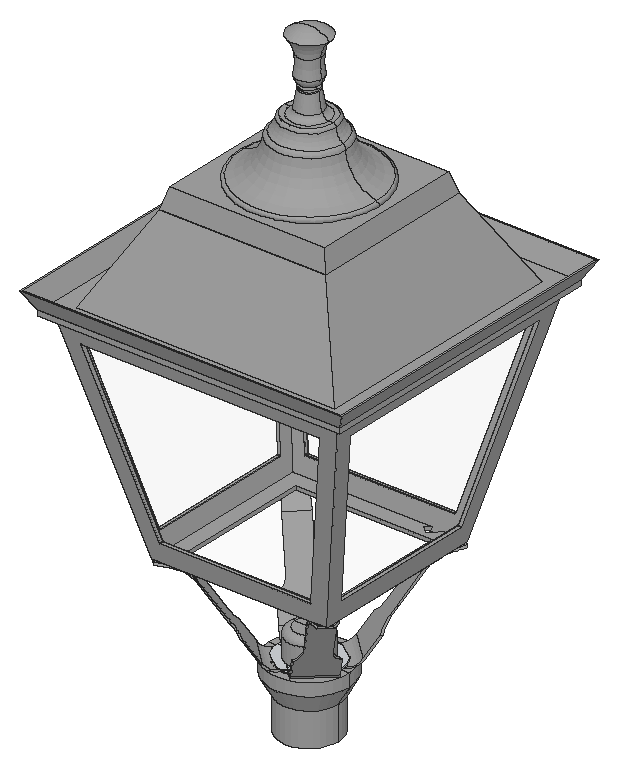
Revit family "PPT", category Lighting Fixtures, Revit 2020
Family settings
  Round Connector Dimension = Use Diameter
  Part Type = Normal
  Work Plane-Based = No
  Always vertical = Yes
  Cut with Voids When Loaded = No
  Light Source = Yes
  Shared = No
  Room Calculation Point = No
Parameters (values of type "PPT30301-P1-V")
  Wattage = 21.8793 W
  WATTS = 29 W
  built-in parameter 1150110 = 1 (stored number, unit not read)
  Voltage Comments = "120-277"  # constant formula
  Voltage = 120 V  # constant formula
  URL = "https://www.abovealllighting.com/product/LED-OUTDOOR-FIXTURES/LEDMOONSERIESPOSTTOP/PAVILIONLEDPOSTTOPWITHPHOTOCELL.html"
  Type Comments = "PAVILION LED POST TOP"  # constant formula
  built-in parameter 1114217 = 1 (stored number, unit not read)
  Tilt Angle = 90.00°
  built-in parameter 1150109 = 1 (stored number, unit not read)
  built-in parameter 1150134 = (empty or 0)
  built-in parameter 1150113 = 1 (stored number, unit not read)
  Replaces/Equiv.(HPS) = "150W"
  Photometric Web File = "PPT30301-P1-V_IESNA95.IES"
  Order number = "13912"
  Model = "PPT30301-P1-V"
  Manufacturer = "Above All Lighting"  # constant formula
  built-in parameter 1150105 = 258.63 (stored number, unit not read)
  Lumens = 3250 lm
  built-in parameter 1150115 = 1 (stored number, unit not read)
  built-in parameter 1150137 = (empty or 0)
  built-in parameter 1150139 = (empty or 0)
  built-in parameter 1150112 = 1 (stored number, unit not read)
  built-in parameter 1150114 = 1 (stored number, unit not read)
  Lamp = "LED"  # constant formula
  built-in parameter 1150132 = 2
  built-in parameter 1150102 = (empty or 0)
  built-in parameter 1150107 = 3000 (stored number, unit not read)
  built-in parameter 1150138 = (empty or 0)
  built-in parameter 1150106 = 2.5863 (stored number, unit not read)
  IP Rating = "66"  # constant formula
  GLASS = Polycarbonate Clear Lens
  Fixture Width = 16.54"  # constant formula
  Fixture Length = 16.54"  # constant formula
  Fixture Height = 32.52"  # constant formula
  Emit from Line Length = 24.00"
  built-in parameter 1150104 = 13.8 (stored number, unit not read)
  Dimming Lamp Color Temperature Shift = <None>
  Dimming / Control Comments = "0-10V Dim"  # constant formula
  Description = "The  pavilion LED post top comes in traditional lantern look with an expected service life of 50,000 hours, high efficiency and an easy-install design. As decorative luminaire, the traditional style is in harmony with the architectural and environmental area lighting applications such as pedestrian street, parks, \r\ngardens, courtyard etc."  # constant formula
  Default Elevation = 0.00"
  Color Filter = 16777215
  CRI = "70"  # constant formula
  Body Material = Aluminum
  built-in parameter 1114218 = 1 (stored number, unit not read)
  Average life based on 104F(HRS) = "50000"  # constant formula
  built-in parameter 1150133 = 10 (stored number, unit not read)
  Apparent Load = WATTS / 0.8  # 36.25 VA
Reference planes (in)
  plane 1 "Center (Front/Back)": y = 0
  plane 2: z = 0
  plane 3 "Center (Left/Right)": x = 0
  plane 4: x = 8.27
  plane 5: y = 8.27
  plane 6: y = -8.27
  plane 7: x = -8.27
  plane 8: z = 32.52
  plane 9: z = 19.71982
Dimensions and locks (in)
  equal spacing: plane 7, plane 3 "Center (Left/Right)", plane 4
  equal spacing: plane 6, plane 1 "Center (Front/Back)", plane 5
  "Fixture Height": plane 8 to plane 2
  "Fixture Length": plane 7 to plane 4
  "Fixture Width": plane 6 to plane 5
  locked: plane 8 to plane 9 at 12.80018
  aligned and locked: plane 2 to level
  aligned and locked: plane 3 "Center (Left/Right)" to nested 1
  aligned and locked: plane 1 "Center (Front/Back)" to nested 1
  aligned and locked: nested 1 to plane 2
  aligned and locked: imposter light to plane 9
  aligned and locked: imposter light to plane 1 "Center (Front/Back)"
  aligned and locked: plane 3 "Center (Left/Right)" to imposter light
Nested families (in)
  nested 1: "PPT top" at (0, 0, 0), type "PPT top"
Definition of nested family "PPT top"
  Parameters (values of type "PPT top")
    h = 7.787"  # constant formula
    g = 12.289"  # constant formula
    f = 9.04"  # constant formula
    e = 14.54"  # constant formula
    d = 15.54"  # constant formula
    c = 13.324"  # constant formula
    b = 8.00"  # constant formula
    a = 8.54"  # constant formula
    J = 2.00"  # constant formula
    I = 6.00"  # constant formula
    GLASS = none
    Fixture Height = 32.52"  # constant formula
    Fixture Diameter = 16.54"  # constant formula
    Default Elevation = 0.00"
    Body Material = none
  Reference planes (in)
    plane 1 "Center (Front/Back)": y = 0
    plane 2: z = 0
    plane 3 "Center (Left/Right)": x = 0
    plane 4: x = -8.27
    plane 5: x = 8.27
    plane 6: z = 32.52
    plane 7: z = 20.08804
    plane 8: z = 25.39794
    plane 9: z = 24.40334
    plane 10 "1": x = -4.27
    plane 11 "a": x = -4
    plane 12 "b": x = 4
    plane 13 "2": x = 4.27
    plane 14: y = 4.27
    plane 15: y = 4
    plane 16: y = -4
    plane 17: y = -4.27
    plane 18 "c": x = -6.662
    plane 19 "d": x = 6.662
    plane 20: y = 6.662
    plane 21: y = -6.662
    plane 22: z = 19.81448
    plane 23: x = -7.77
    plane 24: x = 7.77
    plane 25: y = 8.27
    plane 26: y = -8.27
    plane 27: z = 20.97936
    plane 28: z = 8.28453
    plane 29 "aa": x = -7.27
    plane 30 "bb": x = 7.27
    plane 31 "cc": x = -4.52
    plane 32 "dd": x = 4.52
    plane 33: y = 7.27
    plane 34: y = -7.27
    plane 35: y = 4.52
    plane 36: y = -4.52
    plane 37: z = 18.73807
    plane 38: z = 9.30205
    plane 39: z = 8.47653
    plane 40 "111": through (8.27, 8.27, 48) normal (-0.7431, -0.6691, 0)
    plane 41 "112": through (8.27, -8.27, 48) normal (-0.7071, -0.7071, 0)
    plane 42: through (-8.27, -8.27, 48) normal (-0.7071, -0.7071, 0)
    plane 43: through (11.70849, -10.29427, -12) normal (-0.7071, -0.7071, 0)
    plane 44: through (10.29427, -11.70849, -12) normal (-0.7071, -0.7071, 0)
    plane 45: y = 3
    plane 46: y = -3
    plane 47: y = 1
    plane 48: y = -1
    plane 49: x = -3
    plane 50: x = 3
  Forms (in)
    Revolve 1, solid, material <- "Body Material"
      sketch origin (0, 0, 0) x (1, 0, 0) y (0, 0, 1)
        loop
          line (0, 25.39794) -> (0, 32.52)
          arc (0, 32.52) -> (-0.5521, 32.41845) -> (-1.03544, 32.13294) r 1.60466
          arc (-1.03544, 32.13294) -> (-0.74227, 31.73824) -> (-0.60729, 31.26547) r 1.37025
          arc (-0.60729, 31.26547) -> (-0.59441, 30.76307) -> (-0.65383, 30.26403) r 3.48912
          arc (-0.65383, 30.26403) -> (-0.5356, 29.97858) -> (-0.25014, 29.86034) r 0.40369
          line (-0.25014, 29.86034) -> (-0.12647, 29.86034) -> (-0.12647, 29.76639) -> (-0.5, 29.76639) -> (-0.5, 29.70639) -> (-0.12647, 29.70639) -> (-0.12647, 29.61245) -> (-0.5, 29.61245) -> (-0.65377, 28.74035)
          arc (-0.65377, 28.74035) -> (-0.7728, 28.5342) -> (-0.99649, 28.45278) r 0.348
          line (-0.99649, 28.45278) -> (-1.24903, 28.45278)
          arc (-1.24903, 28.45278) -> (-1.33279, 28.38115) -> (-1.37146, 28.27794) r 0.22067
          arc (-1.37146, 28.27794) -> (-1.47625, 27.93601) -> (-1.70112, 27.65793) r 0.94037
          arc (-1.70112, 27.65793) -> (-1.81424, 27.56155) -> (-1.86612, 27.4223) r 0.29543
          arc (-1.86612, 27.4223) -> (-2.36728, 26.26599) -> (-3.44259, 25.60877) r 2.08773
          arc (-3.44259, 25.60877) -> (-3.55677, 25.53414) -> (-3.56431, 25.39794) r 0.1511
          line (-3.56431, 25.39794) -> (0, 25.39794)
        axis (0, 25.39794) -> (0, 32.52)
      angle from 0 to 360
    SweptBlend 2, solid, material <- "Body Material"
      path origin (0, 0, 0) x (1, 0, 0) y (0, 0, 1)
        loop
          line (0, 24.40334) -> (0, 25.39794)
      profile origin (0, 0, 24.40334) x (-1, 0, 0) y (0, -1, 0)
        loop
          line (4.27, -4.27) -> (4.27, 4.27) -> (-4.27, 4.27) -> (-4.27, -4.27) -> (4.27, -4.27)
      end profile origin (0, 0, 25.39794) x (-1, 0, 0) y (0, -1, 0)
        loop
          line (4, -4) -> (4, 4) -> (-4, 4) -> (-4, -4) -> (4, -4)
    SweptBlend 3, solid, material <- "Body Material"
      path origin (0, 0, 0) x (1, 0, 0) y (0, 0, 1)
        loop
          line (0, 20.08804) -> (0, 24.40334)
      profile origin (0, 0, 20.08804) x (-1, 0, 0) y (0, -1, 0)
        loop
          line (6.662, -6.662) -> (6.662, 6.662) -> (-6.662, 6.662) -> (-6.662, -6.662) -> (6.662, -6.662)
      end profile origin (0, 0, 24.40334) x (-1, 0, 0) y (0, -1, 0)
        loop
          line (4.27, -4.27) -> (4.27, 4.27) -> (-4.27, 4.27) -> (-4.27, -4.27) -> (4.27, -4.27)
    Sweep 4, solid, material <- "Body Material"
      path origin (0, 0, 0) x (1, 0, 0) y (0, 0, 1)
        loop
          line (0, 19.81448) -> (0, 20.08804)
      profile origin (0, 0, 19.95126) x (-1, 0, 0) y (0, -1, 0)
        loop
          line (7.77, -7.77) -> (7.77, 7.77) -> (-7.77, 7.77) -> (-7.77, -7.77) -> (7.77, -7.77)
        loop
          line (3, -3) -> (3, -1) -> (-3, -1) -> (-3, -3) -> (3, -3)
        loop
          line (3, 1) -> (3, 3) -> (-3, 3) -> (-3, 1) -> (3, 1)
    SweptBlend 5, solid, material <- "Body Material"
      path origin (0, 0, 0) x (1, 0, 0) y (0, 0, 1)
        loop
          line (0, 20.08804) -> (0, 20.97936)
      profile origin (0, 0, 20.08804) x (-1, 0, 0) y (0, -1, 0)
        loop
          line (-7.77, -7.77) -> (7.77, -7.77) -> (7.77, 7.77) -> (-7.77, 7.77) -> (-7.77, -7.77)
      end profile origin (0, 0, 20.97936) x (-1, 0, 0) y (0, -1, 0)
        loop
          line (8.27, -8.27) -> (8.27, 8.27) -> (-8.27, 8.27) -> (-8.27, -8.27) -> (8.27, -8.27)
    SweptBlend 6, void
      path origin (0, 0, 0) x (1, 0, 0) y (0, 0, 1)
        loop
          line (0, 20.08804) -> (0, 20.97936)
      profile origin (0, 0, 20.08804) x (-1, 0, 0) y (0, -1, 0)
        loop
          line (-7.691, -7.691) -> (7.691, -7.691) -> (7.691, 7.691) -> (-7.691, 7.691) -> (-7.691, -7.691)
      end profile origin (0, 0, 20.97936) x (-1, 0, 0) y (0, -1, 0)
        loop
          line (-8.191, -8.191) -> (8.191, -8.191) -> (8.191, 8.191) -> (-8.191, 8.191) -> (-8.191, -8.191)
    SweptBlend 7, solid, material <- "Body Material"
      path origin (0, 0, 0) x (1, 0, 0) y (0, 0, 1)
        loop
          line (0, 8.28453) -> (0, 19.81448)
      profile origin (0, 0, 8.28453) x (-1, 0, 0) y (0, -1, 0)
        loop
          line (4.52, -4.52) -> (4.52, 4.52) -> (-4.52, 4.52) -> (-4.52, -4.52) -> (4.52, -4.52)
      end profile origin (0, 0, 19.81448) x (-1, 0, 0) y (0, -1, 0)
        loop
          line (7.27, -7.27) -> (7.27, 7.27) -> (-7.27, 7.27) -> (-7.27, -7.27) -> (7.27, -7.27)
    SweptBlend 8, void
      path origin (0, 0, 0) x (1, 0, 0) y (0, 0, 1)
        loop
          line (0, 8.28453) -> (0, 19.81448)
      profile origin (0, 0, 8.28453) x (-1, 0, 0) y (0, -1, 0)
        loop
          line (-4.323, -4.323) -> (4.323, -4.323) -> (4.323, 4.323) -> (-4.323, 4.323) -> (-4.323, -4.323)
      end profile origin (0, 0, 19.81448) x (-1, 0, 0) y (0, -1, 0)
        loop
          line (-7.073, -7.073) -> (7.073, -7.073) -> (7.073, 7.073) -> (-7.073, 7.073) -> (-7.073, -7.073)
    Extrusion 9, void
      sketch origin (0, 0, 0) x (1, 0, 0) y (0, 0, 1)
        loop
          line (-6.1445, 18.73807) -> (-3.8935, 9.30205) -> (3.8935, 9.30205) -> (6.1445, 18.73807) -> (-6.1445, 18.73807)
      from -7.29901 to 7.36332
    Extrusion 10, void
      sketch origin (0, 0, 0) x (0, 1, 0) y (0, 0, 1)
        loop
          line (-6.1445, 18.73807) -> (-3.8935, 9.30205) -> (3.8935, 9.30205) -> (6.1445, 18.73807) -> (-6.1445, 18.73807)
      from -7.18759 to 7.28865
    Extrusion 11, solid, material <- "Body Material"
      sketch origin (0, 0, 0) x (1, 0, 0) y (0, 1, 0)
        loop
          line (-4.52, 4.52) -> (-4.52, -4.52) -> (4.52, -4.52) -> (4.52, 4.52) -> (-4.52, 4.52)
        loop
          line (3.52, 3.52) -> (-3.52, 3.52) -> (-3.52, -3.52) -> (3.52, -3.52) -> (3.52, 3.52)
      from 8.28453 to 8.47653
    SweptBlend 12, solid, material <- "GLASS"
      path origin (0, 0, 0) x (1, 0, 0) y (0, 0, 1)
        loop
          line (4.76269, 9.30205) -> (7.01327, 18.73807)
      profile origin (4.76269, 0, 9.30205) x (-0.972715, 0, 0.232002) y (0, -1, 0)
        loop
          line (0.19685, 3.8935) -> (0, 3.8935) -> (0, -3.8935) -> (0.19685, -3.8935) -> (0.19685, 3.8935)
      end profile origin (7.01327, 0, 18.73807) x (-0.972715, 0, 0.232002) y (0, -1, 0)
        loop
          line (0.19685, 6.1445) -> (0, 6.1445) -> (0, -6.1445) -> (0.19685, -6.1445) -> (0.19685, 6.1445)
    SweptBlend 13, solid, material <- "GLASS"
      path origin (0, 0, 0) x (1, 0, 0) y (0, 0, 1)
        loop
          line (-4.76269, 9.30205) -> (-7.01327, 18.73807)
      profile origin (-4.76269, 0, 9.30205) x (-0.972715, 0, -0.232002) y (0, -1, 0)
        loop
          line (-0.19685, -3.8935) -> (0, -3.8935) -> (0, 3.8935) -> (-0.19685, 3.8935) -> (-0.19685, -3.8935)
      end profile origin (-7.01327, 0, 18.73807) x (-0.972715, 0, -0.232002) y (0, -1, 0)
        loop
          line (-0.19685, -6.1445) -> (0, -6.1445) -> (0, 6.1445) -> (-0.19685, 6.1445) -> (-0.19685, -6.1445)
    SweptBlend 14, solid, material <- "GLASS"
      path origin (0, 0, 0) x (0, 1, 0) y (0, 0, 1)
        loop
          line (4.76269, 9.30205) -> (7.01327, 18.73807)
      profile origin (0, 4.76269, 9.30205) x (0, -0.972715, 0.232002) y (1, 0, 0)
        loop
          line (0.19685, 3.8935) -> (0, 3.8935) -> (0, -3.8935) -> (0.19685, -3.8935) -> (0.19685, 3.8935)
      end profile origin (0, 7.01327, 18.73807) x (0, -0.972715, 0.232002) y (1, 0, 0)
        loop
          line (0.19685, 6.1445) -> (0, 6.1445) -> (0, -6.1445) -> (0.19685, -6.1445) -> (0.19685, 6.1445)
    SweptBlend 15, solid, material <- "GLASS"
      path origin (0, 0, 0) x (0, 1, 0) y (0, 0, 1)
        loop
          line (-4.76269, 9.30205) -> (-7.01327, 18.73807)
      profile origin (0, -4.76269, 9.30205) x (0, -0.972715, -0.232002) y (1, 0, 0)
        loop
          line (-0.19685, -3.8935) -> (0, -3.8935) -> (0, 3.8935) -> (-0.19685, 3.8935) -> (-0.19685, -3.8935)
      end profile origin (0, -7.01327, 18.73807) x (0, -0.972715, -0.232002) y (1, 0, 0)
        loop
          line (-0.19685, -6.1445) -> (0, -6.1445) -> (0, 6.1445) -> (-0.19685, 6.1445) -> (-0.19685, -6.1445)
    Revolve 16, solid, material <- "Body Material"
      sketch origin (0, 0, 0) x (1, 0, 0) y (0, 0, 1)
        loop
          line (0, 3.34516) -> (-2.0625, 3.34516) -> (-2.0625, 2.69308) -> (-1.5, 1.71881) -> (-1.5, 0) -> (0, 0) -> (0, 3.34516)
        axis (0, 3.34516) -> (0, 0)
      angle from 0 to 360
    Extrusion 17, solid, material <- "Body Material"
      sketch origin (8.31888, 8.00274, -0.15988) x (0.693694, -0.720269, 0.000238) y (0.008962, 0.008962, 0.99992)
        loop
          arc (6.18465, 8.33141) -> (5.30791, 8.12899) -> (4.60863, 7.56273) r 2
          line (4.60863, 7.56273) -> (2.02899, 3.73826)
          arc (2.02899, 3.73826) -> (1.75932, 3.49545) -> (1.40721, 3.40766) r 0.75
          line (1.40721, 3.40766) -> (-0.26053, 3.40766) -> (-0.26053, 3.32866) -> (1.40721, 3.32866)
          arc (1.40721, 3.32866) -> (1.7964, 3.42569) -> (2.09448, 3.69409) r 0.829
          line (2.09448, 3.69409) -> (4.67256, 7.51624)
          arc (4.67256, 7.51624) -> (5.34376, 8.05859) -> (6.18465, 8.25241) r 1.921
          line (6.18465, 8.25241) -> (6.33202, 8.25241) -> (6.33202, 8.33141) -> (6.18465, 8.33141)
      from 10.55356 to 12.55182
    Revolve 18, solid, material <- "Body Material"
      sketch origin (0, 0, 0) x (1, 0, 0) y (0, 0, 1)
        loop
          line (0, 3.34516) -> (0, 4.79001) -> (-0.75067, 4.79001)
          arc (-0.75067, 4.79001) -> (-1.007, 4.68383) -> (-1.11317, 4.4275) r 0.3625
          line (-1.11317, 4.4275) -> (-1.11317, 3.34516) -> (0, 3.34516)
        axis (0, 4.79001) -> (0, 3.34516)
      angle from 0 to 360
    Extrusion 19, void
      sketch origin (11.62867, 4.7035, 7.35918) x (-0.395339, 0.395339, -0.829104) y (0.720214, 0.693637, -0.012673)
        loop
          line (-1.91412, -12.64889) -> (3.35828, -12.64889)
          arc (3.35828, -12.64889) -> (2.99823, -12.28305) -> (2.50279, -12.14889) r 0.98187
          line (2.50279, -12.14889) -> (-1.15233, -12.14889)
          arc (-1.15233, -12.14889) -> (-1.46487, -12.00605) -> (-1.66412, -11.72609) r 0.66384
          line (-1.66412, -11.72609) -> (-1.66412, -11.55872) -> (-1.66412, -11.39136)
          arc (-1.66412, -11.39136) -> (-1.46487, -11.11139) -> (-1.15233, -10.96856) r 0.66384
          line (-1.15233, -10.96856) -> (2.50279, -10.96856)
          arc (2.50279, -10.96856) -> (3.03163, -10.81397) -> (3.39394, -10.39889) r 0.98187
          line (3.39394, -10.39889) -> (-1.91412, -10.39889) -> (-1.91412, -12.64889)
      from -0.74961 to 2.37456
    Extrusion 20, solid, material <- "Body Material"
      sketch origin (-8.31888, 8.00274, -0.15988) x (-0.693694, -0.720269, 0.000238) y (0.008962, -0.008962, -0.99992)
        loop
          line (6.18465, -8.33141) -> (6.33202, -8.33141) -> (6.33202, -8.25241) -> (6.18465, -8.25241)
          arc (6.18465, -8.25241) -> (5.34376, -8.05859) -> (4.67256, -7.51624) r 1.921
          line (4.67256, -7.51624) -> (2.09448, -3.69409)
          arc (2.09448, -3.69409) -> (1.7964, -3.42569) -> (1.40721, -3.32866) r 0.829
          line (1.40721, -3.32866) -> (-0.26053, -3.32866) -> (-0.26053, -3.40766) -> (1.40721, -3.40766)
          arc (1.40721, -3.40766) -> (1.75932, -3.49545) -> (2.02899, -3.73826) r 0.75
          line (2.02899, -3.73826) -> (4.60863, -7.56273)
          arc (4.60863, -7.56273) -> (5.30791, -8.12899) -> (6.18465, -8.33141) r 2
      from 10.55356 to 12.55182
    Extrusion 21, solid, material <- "Body Material"
      sketch origin (8.31888, -8.00274, -0.15988) x (0.693694, 0.720269, 0.000238) y (-0.008962, 0.008962, -0.99992)
        loop
          line (6.18465, -8.33141) -> (6.33202, -8.33141) -> (6.33202, -8.25241) -> (6.18465, -8.25241)
          arc (6.18465, -8.25241) -> (5.34376, -8.05859) -> (4.67256, -7.51624) r 1.921
          line (4.67256, -7.51624) -> (2.09448, -3.69409)
          arc (2.09448, -3.69409) -> (1.7964, -3.42569) -> (1.40721, -3.32866) r 0.829
          line (1.40721, -3.32866) -> (-0.26053, -3.32866) -> (-0.26053, -3.40766) -> (1.40721, -3.40766)
          arc (1.40721, -3.40766) -> (1.75932, -3.49545) -> (2.02899, -3.73826) r 0.75
          line (2.02899, -3.73826) -> (4.60863, -7.56273)
          arc (4.60863, -7.56273) -> (5.30791, -8.12899) -> (6.18465, -8.33141) r 2
      from 10.55356 to 12.55182
    Extrusion 22, solid, material <- "Body Material"
      sketch origin (-8.31888, -8.00274, -0.15988) x (-0.693694, 0.720269, 0.000238) y (-0.008962, -0.008962, 0.99992)
        loop
          arc (6.18465, 8.33141) -> (5.30791, 8.12899) -> (4.60863, 7.56273) r 2
          line (4.60863, 7.56273) -> (2.02899, 3.73826)
          arc (2.02899, 3.73826) -> (1.75932, 3.49545) -> (1.40721, 3.40766) r 0.75
          line (1.40721, 3.40766) -> (-0.26053, 3.40766) -> (-0.26053, 3.32866) -> (1.40721, 3.32866)
          arc (1.40721, 3.32866) -> (1.7964, 3.42569) -> (2.09448, 3.69409) r 0.829
          line (2.09448, 3.69409) -> (4.67256, 7.51624)
          arc (4.67256, 7.51624) -> (5.34376, 8.05859) -> (6.18465, 8.25241) r 1.921
          line (6.18465, 8.25241) -> (6.33202, 8.25241) -> (6.33202, 8.33141) -> (6.18465, 8.33141)
      from 10.55356 to 12.55182
    Extrusion 23, void
      sketch origin (-11.62867, 4.7035, 7.35918) x (0.395339, 0.395339, -0.829104) y (0.720214, -0.693637, 0.012673)
        loop
          line (-1.91412, 12.64889) -> (-1.91412, 10.39889) -> (3.39394, 10.39889)
          arc (3.39394, 10.39889) -> (3.03163, 10.81397) -> (2.50279, 10.96856) r 0.98187
          line (2.50279, 10.96856) -> (-1.15233, 10.96856)
          arc (-1.15233, 10.96856) -> (-1.46487, 11.11139) -> (-1.66412, 11.39136) r 0.66384
          line (-1.66412, 11.39136) -> (-1.66412, 11.55872) -> (-1.66412, 11.72609)
          arc (-1.66412, 11.72609) -> (-1.46487, 12.00605) -> (-1.15233, 12.14889) r 0.66384
          line (-1.15233, 12.14889) -> (2.50279, 12.14889)
          arc (2.50279, 12.14889) -> (2.99823, 12.28305) -> (3.35828, 12.64889) r 0.98187
          line (3.35828, 12.64889) -> (-1.91412, 12.64889)
      from -0.28103 to 2.18368
    Extrusion 24, void
      sketch origin (-11.62867, -4.7035, 7.35918) x (0.395339, -0.395339, -0.829104) y (-0.720214, -0.693637, -0.012673)
        loop
          line (-1.91412, -12.64889) -> (3.35828, -12.64889)
          arc (3.35828, -12.64889) -> (2.99823, -12.28305) -> (2.50279, -12.14889) r 0.98187
          line (2.50279, -12.14889) -> (-1.15233, -12.14889)
          arc (-1.15233, -12.14889) -> (-1.46487, -12.00605) -> (-1.66412, -11.72609) r 0.66384
          line (-1.66412, -11.72609) -> (-1.66412, -11.55872) -> (-1.66412, -11.39136)
          arc (-1.66412, -11.39136) -> (-1.46487, -11.11139) -> (-1.15233, -10.96856) r 0.66384
          line (-1.15233, -10.96856) -> (2.50279, -10.96856)
          arc (2.50279, -10.96856) -> (3.03163, -10.81397) -> (3.39394, -10.39889) r 0.98187
          line (3.39394, -10.39889) -> (-1.91412, -10.39889) -> (-1.91412, -12.64889)
      from -0.33192 to 2.84459
    Extrusion 25, void
      sketch origin (11.62867, -4.7035, 7.35918) x (-0.395339, -0.395339, -0.829104) y (-0.720214, 0.693637, 0.012673)
        loop
          line (-1.91412, 12.64889) -> (-1.91412, 10.39889) -> (3.39394, 10.39889)
          arc (3.39394, 10.39889) -> (3.03163, 10.81397) -> (2.50279, 10.96856) r 0.98187
          line (2.50279, 10.96856) -> (-1.15233, 10.96856)
          arc (-1.15233, 10.96856) -> (-1.46487, 11.11139) -> (-1.66412, 11.39136) r 0.66384
          line (-1.66412, 11.39136) -> (-1.66412, 11.55872) -> (-1.66412, 11.72609)
          arc (-1.66412, 11.72609) -> (-1.46487, 12.00605) -> (-1.15233, 12.14889) r 0.66384
          line (-1.15233, 12.14889) -> (2.50279, 12.14889)
          arc (2.50279, 12.14889) -> (2.99823, 12.28305) -> (3.35828, 12.64889) r 0.98187
          line (3.35828, 12.64889) -> (-1.91412, 12.64889)
      from -0.4711 to 2.55921
    Revolve 26, solid
      sketch origin (0, 0, 0) x (1, 0, 0) y (0, 0, 1)
        loop
          line (0, 3.34516) -> (0, 3.4069) -> (-1.62962, 3.4069) -> (-1.62962, 3.34516) -> (0, 3.34516)
        axis (0, 3.4069) -> (0, 3.34516)
      angle from 0 to 360
  Cuts and joins
    SweptBlend 6 cuts SweptBlend 5
    SweptBlend 8, Extrusion 9, Extrusion 10 cuts SweptBlend 7
    Extrusion 19, Extrusion 23 cuts Extrusion 17
    Extrusion 23, Extrusion 24 cuts Extrusion 20
    Extrusion 25 cuts Extrusion 21
    Extrusion 24, Extrusion 25 cuts Extrusion 22
    joined: Extrusion 17, Extrusion 20, Extrusion 21, Extrusion 22
    Extrusion 23 cuts SweptBlend 12
    Extrusion 25 cuts Extrusion 11
  Lines and regions (in)
    symbolic lines
      curve 1: line (-4.27, 0, 24.40334) -> (-6.66201, 0, 20.08804)
  Dimensions and locks (in)
    equal spacing: plane 5, plane 3 "Center (Left/Right)", plane 4
    "Fixture Height": plane 6 to plane 2
    "Fixture Diameter": plane 5 to plane 4
    locked: plane 6 to plane 8 at 7.12206
    equal spacing: plane 10 "1", plane 3 "Center (Left/Right)", plane 13 "2"
    equal spacing: plane 11 "a", plane 3 "Center (Left/Right)", plane 12 "b"
    "a": plane 10 "1" to plane 13 "2"
    "b": plane 11 "a" to plane 12 "b"
    equal spacing: plane 15, plane 1 "Center (Front/Back)", plane 16
    "b": plane 15 to plane 16
    equal spacing: plane 14, plane 1 "Center (Front/Back)", plane 17
    "a": plane 14 to plane 17
    equal spacing: plane 18 "c", plane 3 "Center (Left/Right)", plane 19 "d"
    "c": plane 18 "c" to plane 19 "d"
    equal spacing: plane 20, plane 1 "Center (Front/Back)", plane 21
    "c": plane 20 to plane 21
    locked: plane 7 to plane 22 at 0.27356
    locked: plane 8 to plane 9 at 0.9946
    locked: plane 9 to plane 7 at 4.3153
    equal spacing: plane 23, plane 3 "Center (Left/Right)", plane 24
    "d": plane 23 to plane 24
    equal spacing: Sweep 4 sketch curve, plane 1 "Center (Front/Back)", Sweep 4 sketch curve
    "d": Sweep 4 sketch curve to Sweep 4 sketch curve  (x2)
    equal spacing: Sweep 4 sketch curve, plane 3 "Center (Left/Right)", Sweep 4 sketch curve
    plane 4 to plane 5 = 16.54"
    equal spacing: plane 25, plane 1 "Center (Front/Back)", plane 26
    "Fixture Diameter": plane 25 to plane 26
    locked: plane 27 to plane 7 at 0.89132
    locked: plane 22 to plane 28 at 11.52995
    equal spacing: plane 29 "aa", plane 3 "Center (Left/Right)", plane 30 "bb"
    "e": plane 29 "aa" to plane 30 "bb"
    equal spacing: plane 31 "cc", plane 3 "Center (Left/Right)", plane 32 "dd"
    "f": plane 31 "cc" to plane 32 "dd"
    equal spacing: plane 33, plane 1 "Center (Front/Back)", plane 34
    "e": plane 33 to plane 34
    equal spacing: plane 35, plane 1 "Center (Front/Back)", plane 36
    "f": plane 35 to plane 36
    equal spacing: Extrusion 9 sketch curve, plane 3 "Center (Left/Right)", Extrusion 9 sketch curve  (x2)
    locked: plane 38 to plane 28 at 1.01752
    locked: plane 22 to plane 37 at 1.07641
    "g": Extrusion 9 sketch curve to Extrusion 9 sketch curve
    "h": Extrusion 9 sketch curve to Extrusion 9 sketch curve
    equal spacing: Extrusion 10 sketch curve, plane 1 "Center (Front/Back)", Extrusion 10 sketch curve  (x2)
    "h": Extrusion 10 sketch curve to Extrusion 10 sketch curve
    "g": Extrusion 10 sketch curve to Extrusion 10 sketch curve
    plane 31 "cc" to plane 32 "dd" = 9.04"
    equal spacing: Extrusion 11 sketch curve, plane 3 "Center (Left/Right)", Extrusion 11 sketch curve
    locked: Extrusion 11 sketch curve to Extrusion 11 sketch curve at 1  (x2)
    equal spacing: Extrusion 11 sketch curve, plane 1 "Center (Front/Back)", Extrusion 11 sketch curve
    locked: plane 39 to plane 28 at 0.192
    SweptBlend 12 sketch curve to SweptBlend 12 sketch curve = 0.19685"  (x2)
    equal spacing: SweptBlend 12 sketch curve, profile plane, SweptBlend 12 sketch curve  (x2)
    "h": SweptBlend 12 sketch curve to SweptBlend 12 sketch curve
    "g": SweptBlend 12 sketch curve to SweptBlend 12 sketch curve
    SweptBlend 13 sketch curve to SweptBlend 13 sketch curve = 0.19685"  (x2)
    equal spacing: SweptBlend 13 sketch curve, profile plane, SweptBlend 13 sketch curve  (x2)
    "h": SweptBlend 13 sketch curve to SweptBlend 13 sketch curve
    "g": SweptBlend 13 sketch curve to SweptBlend 13 sketch curve
    SweptBlend 14 sketch curve to SweptBlend 14 sketch curve = 0.19685"
    equal spacing: SweptBlend 14 sketch curve, profile plane, SweptBlend 14 sketch curve  (x2)
    "h": SweptBlend 14 sketch curve to SweptBlend 14 sketch curve
    locked: SweptBlend 14 sketch curve to SweptBlend 14 sketch curve at 0.19685
    "g": SweptBlend 14 sketch curve to SweptBlend 14 sketch curve
    SweptBlend 15 sketch curve to SweptBlend 15 sketch curve = 0.19685"  (x2)
    equal spacing: SweptBlend 15 sketch curve, profile plane, SweptBlend 15 sketch curve  (x2)
    "h": SweptBlend 15 sketch curve to SweptBlend 15 sketch curve
    "g": SweptBlend 15 sketch curve to SweptBlend 15 sketch curve
    equal spacing: plane 45, plane 1 "Center (Front/Back)", plane 46
    "I": plane 45 to plane 46
    "J": plane 45 to plane 47
    "J": plane 48 to plane 46
    equal spacing: plane 49, plane 3 "Center (Left/Right)", plane 50
    "I": plane 49 to plane 50
    aligned and locked: plane 2 to level
    aligned and locked: Revolve 1 sketch curve to plane 3 "Center (Left/Right)"
    aligned and locked: Revolve 1 sketch curve to plane 8
    aligned and locked: plane 9 to SweptBlend 2 sketch curve
    aligned and locked: plane 8 to SweptBlend 2 sketch curve
    aligned and locked: plane 3 "Center (Left/Right)" to SweptBlend 2 sketch curve
    aligned and locked: SweptBlend 2 sketch curve to plane 14
    aligned and locked: SweptBlend 2 sketch curve to plane 10 "1"
    aligned and locked: SweptBlend 2 sketch curve to plane 17
    aligned and locked: SweptBlend 2 sketch curve to plane 13 "2"
    aligned and locked: SweptBlend 2 sketch curve to plane 15
    aligned and locked: SweptBlend 2 sketch curve to plane 11 "a"
    aligned and locked: SweptBlend 2 sketch curve to plane 16
    aligned and locked: SweptBlend 2 sketch curve to plane 12 "b"
    aligned and locked: plane 3 "Center (Left/Right)" to SweptBlend 3 sketch curve
    aligned and locked: plane 7 to SweptBlend 3 sketch curve
    aligned and locked: plane 9 to SweptBlend 3 sketch curve
    aligned and locked: SweptBlend 3 sketch curve to plane 20
    aligned and locked: SweptBlend 3 sketch curve to plane 18 "c"
    aligned and locked: SweptBlend 3 sketch curve to plane 21
    aligned and locked: SweptBlend 3 sketch curve to plane 19 "d"
    aligned and locked: SweptBlend 3 sketch curve to plane 14
    aligned and locked: SweptBlend 3 sketch curve to plane 10 "1"
    aligned and locked: SweptBlend 3 sketch curve to plane 17
    aligned and locked: SweptBlend 3 sketch curve to plane 13 "2"
    aligned and locked: plane 3 "Center (Left/Right)" to Sweep 4 sketch curve
    aligned and locked: plane 22 to Sweep 4 sketch curve
    aligned and locked: plane 7 to Sweep 4 sketch curve
    aligned and locked: plane 7 to SweptBlend 5 sketch curve
    aligned and locked: plane 27 to SweptBlend 5 sketch curve
    aligned and locked: plane 3 "Center (Left/Right)" to SweptBlend 5 sketch curve
    aligned and locked: SweptBlend 5 sketch curve to Sweep 4  (x4)
    aligned and locked: SweptBlend 5 sketch curve to plane 25
    aligned and locked: SweptBlend 5 sketch curve to plane 5
    aligned and locked: SweptBlend 5 sketch curve to plane 26
    aligned and locked: SweptBlend 5 sketch curve to plane 4
    aligned and locked: plane 3 "Center (Left/Right)" to SweptBlend 6 sketch curve
    aligned and locked: plane 7 to SweptBlend 6 sketch curve
    aligned and locked: plane 27 to SweptBlend 6 sketch curve
    aligned and locked: plane 3 "Center (Left/Right)" to SweptBlend 7 sketch curve
    aligned and locked: plane 28 to SweptBlend 7 sketch curve
    aligned and locked: plane 22 to SweptBlend 7 sketch curve
    aligned and locked: SweptBlend 7 sketch curve to plane 35
    aligned and locked: SweptBlend 7 sketch curve to plane 32 "dd"
    aligned and locked: SweptBlend 7 sketch curve to plane 36
    aligned and locked: SweptBlend 7 sketch curve to plane 31 "cc"
    aligned and locked: SweptBlend 7 sketch curve to plane 33
    aligned and locked: SweptBlend 7 sketch curve to plane 30 "bb"
    aligned and locked: SweptBlend 7 sketch curve to plane 34
    aligned and locked: SweptBlend 7 sketch curve to plane 29 "aa"
    aligned and locked: plane 28 to SweptBlend 8 sketch curve
    aligned and locked: plane 22 to SweptBlend 8 sketch curve
    aligned and locked: plane 3 "Center (Left/Right)" to SweptBlend 8 sketch curve
    aligned and locked: Extrusion 10 sketch curve to plane 38
    aligned and locked: plane 37 to Extrusion 10 sketch curve
    aligned and locked: Extrusion 11 sketch curve to plane 35
    aligned and locked: Extrusion 11 sketch curve to plane 31 "cc"
    aligned and locked: Extrusion 11 sketch curve to plane 32 "dd"
    aligned and locked: Extrusion 11 sketch curve to plane 36
    aligned and locked: Extrusion 11 to plane 28
    aligned and locked: plane 39 to Extrusion 11
    aligned and locked: profile plane to SweptBlend 12 sketch curve  (x2)
    aligned and locked: SweptBlend 13 sketch curve to profile plane  (x2)
    aligned and locked: profile plane to SweptBlend 14 sketch curve  (x2)
    aligned and locked: SweptBlend 15 sketch curve to profile plane  (x2)
    aligned and locked: Sweep 4 sketch curve to plane 48
    aligned and locked: Sweep 4 sketch curve to plane 46
    aligned and locked: Sweep 4 sketch curve to plane 49  (x2)
    aligned and locked: Sweep 4 sketch curve to plane 47
    aligned and locked: Sweep 4 sketch curve to plane 45
    aligned and locked: Sweep 4 sketch curve to plane 50  (x2)
    aligned and locked: plane 3 "Center (Left/Right)" to nested 1
    aligned and locked: plane 45 to nested 1
    aligned and locked: plane 3 "Center (Left/Right)" to nested 2
    aligned and locked: plane 48 to nested 2
    aligned and locked: nested 1 to plane 7
    aligned and locked: nested 2 to plane 7
  Automatic sketch dimensions
    Revolve 1 sketch curve to plane 3 "Center (Left/Right)" = 0.00"
    Revolve 1 sketch curve to plane 6 = 0.00"
    Revolve 1 sketch curve to plane 3 "Center (Left/Right)" = 0.12647"  (x2)
    Revolve 1 sketch curve to Revolve 1 sketch curve = 0.12367"
    Revolve 1 sketch curve to Revolve 1 sketch curve = 0.24986"
    Revolve 1 sketch curve to Revolve 1 sketch curve = 0.00"  (x4)
    Revolve 1 sketch curve to plane 3 "Center (Left/Right)" = 0.65377"
    Revolve 1 sketch curve to Revolve 1 sketch curve = 0.34271"
    Revolve 1 sketch curve to Revolve 1 sketch curve = 0.15554"
    Revolve 1 sketch curve to Revolve 1 sketch curve = 0.097"
    Revolve 1 sketch curve to Revolve 1 sketch curve = 0.42021"
    Revolve 1 sketch curve to Revolve 1 sketch curve = 1.72086"
    Revolve 1 sketch curve to Revolve 1 sketch curve = 1.05751"
    Revolve 1 sketch curve to plane 8 = 0.06065"
    Revolve 1 sketch curve to plane 11 "a" = 0.57408"
    Revolve 1 sketch curve to Revolve 1 sketch curve = 0.13839"
    Revolve 1 sketch curve to plane 11 "a" = 0.05708"
    plane 11 "a" to Revolve 1 sketch curve = 0.07977"
    plane 3 "Center (Left/Right)" to Revolve 1 sketch curve = 0.00977"
    Revolve 1 sketch curve to plane 8 = 1.99416"
    Revolve 1 sketch curve to Revolve 1 sketch curve = 2.17707"
    Revolve 1 sketch curve to Revolve 1 sketch curve = 0.86247"
    Revolve 1 sketch curve to Revolve 1 sketch curve = 0.12291"
    Revolve 1 sketch curve to Revolve 1 sketch curve = 0.1982"
    Revolve 1 sketch curve to Revolve 1 sketch curve = 0.28757"
    Revolve 1 sketch curve to Revolve 1 sketch curve = 0.8721"
    Revolve 1 sketch curve to Revolve 1 sketch curve = 0.09395"  (x2)
    Revolve 1 sketch curve to Revolve 1 sketch curve = 0.06"
    Revolve 1 sketch curve to Revolve 1 sketch curve = 0.40369"
    Revolve 1 sketch curve to Revolve 1 sketch curve = 0.65134"
    Revolve 1 sketch curve to plane 6 = 1.59493"
    Revolve 1 sketch curve to plane 6 = 1.38821"
    Revolve 1 sketch curve to Revolve 1 sketch curve = 0.12888"
    Revolve 1 sketch curve to Revolve 1 sketch curve = 1.59034"
    Revolve 1 sketch curve to Revolve 1 sketch curve = 0.75"
    profile plane to SweptBlend 6 sketch curve = 7.691"
    SweptBlend 6 sketch curve to profile plane = 7.691"
    SweptBlend 6 sketch curve to plane 1 "Center (Front/Back)" = 7.691"
    plane 1 "Center (Front/Back)" to SweptBlend 6 sketch curve = 7.691"
    profile plane to SweptBlend 6 sketch curve = 8.191"
    SweptBlend 6 sketch curve to profile plane = 8.191"
    SweptBlend 6 sketch curve to plane 1 "Center (Front/Back)" = 8.191"
    plane 1 "Center (Front/Back)" to SweptBlend 6 sketch curve = 8.191"
    profile plane to SweptBlend 8 sketch curve = 4.323"
    SweptBlend 8 sketch curve to profile plane = 4.323"
    SweptBlend 8 sketch curve to plane 1 "Center (Front/Back)" = 4.323"
    plane 1 "Center (Front/Back)" to SweptBlend 8 sketch curve = 4.323"
    profile plane to SweptBlend 8 sketch curve = 7.073"
    SweptBlend 8 sketch curve to profile plane = 7.073"
    SweptBlend 8 sketch curve to plane 1 "Center (Front/Back)" = 7.073"
    plane 1 "Center (Front/Back)" to SweptBlend 8 sketch curve = 7.073"
    SweptBlend 12 sketch curve to plane 38 = 0.00"
    SweptBlend 12 sketch curve to plane 37 = 0.00"
    SweptBlend 12 sketch curve to plane 32 "dd" = 0.24269"
    plane 30 "bb" to SweptBlend 12 sketch curve = 0.25673"
    SweptBlend 13 sketch curve to plane 37 = 0.00"
    SweptBlend 13 sketch curve to plane 38 = 0.00"
    SweptBlend 13 sketch curve to plane 29 "aa" = 0.25673"
    plane 31 "cc" to SweptBlend 13 sketch curve = 0.24269"
    SweptBlend 14 sketch curve to plane 38 = 0.00"
    plane 37 to SweptBlend 14 sketch curve = 0.00"
    plane 35 to SweptBlend 14 sketch curve = 0.24269"
    SweptBlend 14 sketch curve to plane 33 = 0.25673"
    plane 37 to SweptBlend 15 sketch curve = 0.00"
    SweptBlend 15 sketch curve to plane 38 = 0.00"
    plane 34 to SweptBlend 15 sketch curve = 0.25673"
    SweptBlend 15 sketch curve to plane 36 = 0.24269"
    Revolve 16 sketch curve to plane 3 "Center (Left/Right)" = 0.00"  (x2)
    Revolve 16 sketch curve to plane 3 "Center (Left/Right)" = 1.50"
    Revolve 16 sketch curve to Revolve 16 sketch curve = 0.97428"
    Revolve 16 sketch curve to Revolve 16 sketch curve = 0.65207"
    Revolve 16 sketch curve to level = 7.00"
    Revolve 16 sketch curve to Revolve 16 sketch curve = 1.00"
    Extrusion 17 sketch curve to Extrusion 17 sketch curve = 0.00"  (x4)
    Extrusion 17 sketch curve to Extrusion 17 sketch curve = 1.66774"
    Extrusion 17 sketch curve to Extrusion 17 sketch curve = 0.62178"
    Extrusion 17 sketch curve to Extrusion 17 sketch curve = 0.06549"
    Extrusion 17 sketch curve to Extrusion 17 sketch curve = 2.57964"
    Extrusion 17 sketch curve to Extrusion 17 sketch curve = 0.06394"
    Extrusion 17 sketch curve to Extrusion 17 sketch curve = 1.51209"
    Extrusion 17 sketch curve to Extrusion 17 sketch curve = 0.14737"
    Extrusion 17 sketch curve to Extrusion 17 sketch curve = 0.079"
    Extrusion 17 sketch curve to Extrusion 17 sketch curve = 0.28643"
    Extrusion 17 sketch curve to Extrusion 17 sketch curve = 2.63732"
    Extrusion 17 sketch curve to Extrusion 17 sketch curve = 1.18484"
    Extrusion 17 sketch curve to Extrusion 17 sketch curve = 0.04649"
    Revolve 18 sketch curve to plane 3 "Center (Left/Right)" = 0.00"  (x2)
    Revolve 18 sketch curve to Revolve 18 sketch curve = 0.75067"
    Revolve 18 sketch curve to plane 3 "Center (Left/Right)" = 1.11317"
    level to Revolve 18 sketch curve = 3.34516"
    Revolve 18 sketch curve to Revolve 18 sketch curve = 1.08235"
    Revolve 18 sketch curve to level = 7.40484"
    Revolve 18 sketch curve to Revolve 18 sketch curve = 2.50"
    Extrusion 19 sketch curve to Extrusion 17 = 0.15468"
    Extrusion 17 to Extrusion 19 sketch curve = 1.9169"
    Extrusion 19 sketch curve to Extrusion 19 sketch curve = 0.25"
    Extrusion 19 sketch curve to Extrusion 19 sketch curve = 0.51179"  (x2)
    Extrusion 17 to Extrusion 19 sketch curve = 0.40293"
    Extrusion 19 sketch curve to Extrusion 19 sketch curve = 0.11026"
    Extrusion 19 sketch curve to Extrusion 19 sketch curve = 0.00"  (x2)
    Extrusion 19 sketch curve to Extrusion 17 = 0.57893"
    Extrusion 17 to Extrusion 19 sketch curve = 2.11035"
    Extrusion 17 to Extrusion 19 sketch curve = 0.415"
    Extrusion 19 sketch curve to Extrusion 17 = 0.09707"
    Extrusion 19 sketch curve to Extrusion 19 sketch curve = 0.89116"
    Extrusion 19 sketch curve to Extrusion 19 sketch curve = 0.42279"
    Extrusion 19 sketch curve to Extrusion 19 sketch curve = 0.12891"
    Extrusion 19 sketch curve to Extrusion 19 sketch curve = 0.16737"
    Extrusion 20 sketch curve to Extrusion 20 sketch curve = 0.00"  (x4)
    Extrusion 20 sketch curve to Extrusion 20 sketch curve = 1.66774"
    Extrusion 20 sketch curve to Extrusion 20 sketch curve = 0.62178"
    Extrusion 20 sketch curve to Extrusion 20 sketch curve = 0.06549"
    Extrusion 20 sketch curve to Extrusion 20 sketch curve = 2.57964"
    Extrusion 20 sketch curve to Extrusion 20 sketch curve = 0.06394"
    Extrusion 20 sketch curve to Extrusion 20 sketch curve = 1.51209"
    Extrusion 20 sketch curve to Extrusion 20 sketch curve = 0.14737"
    Extrusion 20 sketch curve to Extrusion 20 sketch curve = 0.079"
    Extrusion 20 sketch curve to Extrusion 20 sketch curve = 0.68968"
    Extrusion 20 sketch curve to Extrusion 20 sketch curve = 3.40507"
    Extrusion 20 sketch curve to Extrusion 20 sketch curve = 0.41939"
    Extrusion 20 sketch curve to Extrusion 20 sketch curve = 0.04418"
    Extrusion 21 sketch curve to Extrusion 21 sketch curve = 0.00"  (x4)
    Extrusion 21 sketch curve to Extrusion 21 sketch curve = 1.66774"
    Extrusion 21 sketch curve to Extrusion 21 sketch curve = 0.62178"
    Extrusion 21 sketch curve to Extrusion 21 sketch curve = 0.06549"
    Extrusion 21 sketch curve to Extrusion 21 sketch curve = 2.57964"
    Extrusion 21 sketch curve to Extrusion 21 sketch curve = 0.06394"
    Extrusion 21 sketch curve to Extrusion 21 sketch curve = 1.51209"
    Extrusion 21 sketch curve to Extrusion 21 sketch curve = 0.14737"
    Extrusion 21 sketch curve to Extrusion 21 sketch curve = 0.079"
    Extrusion 21 sketch curve to Extrusion 21 sketch curve = 0.68968"
    Extrusion 21 sketch curve to Extrusion 21 sketch curve = 3.40507"
    Extrusion 21 sketch curve to Extrusion 21 sketch curve = 0.41939"
    Extrusion 21 sketch curve to Extrusion 21 sketch curve = 0.04418"
    Extrusion 22 sketch curve to Extrusion 22 sketch curve = 0.00"  (x4)
    Extrusion 22 sketch curve to Extrusion 22 sketch curve = 1.66774"
    Extrusion 22 sketch curve to Extrusion 22 sketch curve = 0.62178"
    Extrusion 22 sketch curve to Extrusion 22 sketch curve = 0.06549"
    Extrusion 22 sketch curve to Extrusion 22 sketch curve = 2.57964"
    Extrusion 22 sketch curve to Extrusion 22 sketch curve = 0.06394"
    Extrusion 22 sketch curve to Extrusion 22 sketch curve = 1.51209"
    Extrusion 22 sketch curve to Extrusion 22 sketch curve = 0.14737"
    Extrusion 22 sketch curve to Extrusion 22 sketch curve = 0.079"
    Extrusion 22 sketch curve to Extrusion 22 sketch curve = 0.28643"
    Extrusion 22 sketch curve to Extrusion 22 sketch curve = 2.63732"
    Extrusion 22 sketch curve to Extrusion 22 sketch curve = 1.18484"
    Extrusion 22 sketch curve to Extrusion 22 sketch curve = 0.04649"
    Extrusion 23 sketch curve to Extrusion 23 sketch curve = 0.25"
    Extrusion 23 sketch curve to Extrusion 23 sketch curve = 0.51179"  (x2)
    Extrusion 23 sketch curve to Extrusion 23 sketch curve = 0.11026"
    Extrusion 23 sketch curve to Extrusion 23 sketch curve = 0.00"  (x2)
    Extrusion 23 sketch curve to Extrusion 23 sketch curve = 3.65512"
    Extrusion 23 sketch curve to Extrusion 23 sketch curve = 0.85549"
    Extrusion 23 sketch curve to Extrusion 23 sketch curve = 0.89116"
    Extrusion 23 sketch curve to Extrusion 23 sketch curve = 0.41219"
    Extrusion 23 sketch curve to Extrusion 23 sketch curve = 0.42279"
    Extrusion 23 sketch curve to Extrusion 23 sketch curve = 0.12891"
    Extrusion 23 sketch curve to Extrusion 23 sketch curve = 0.16737"  (x2)
    Extrusion 23 sketch curve to Extrusion 23 sketch curve = 0.50"
    Extrusion 24 sketch curve to Extrusion 24 sketch curve = 0.25"
    Extrusion 24 sketch curve to Extrusion 24 sketch curve = 0.51179"  (x2)
    Extrusion 24 sketch curve to Extrusion 24 sketch curve = 0.11026"
    Extrusion 24 sketch curve to Extrusion 24 sketch curve = 0.00"  (x2)
    Extrusion 24 sketch curve to Extrusion 24 sketch curve = 3.65512"
    Extrusion 24 sketch curve to Extrusion 24 sketch curve = 0.85549"
    Extrusion 24 sketch curve to Extrusion 24 sketch curve = 0.89116"
    Extrusion 24 sketch curve to Extrusion 24 sketch curve = 0.48187"
    Extrusion 24 sketch curve to Extrusion 24 sketch curve = 0.42279"
    Extrusion 24 sketch curve to Extrusion 24 sketch curve = 0.12891"
    Extrusion 24 sketch curve to Extrusion 24 sketch curve = 0.16737"  (x2)
    Extrusion 24 sketch curve to Extrusion 24 sketch curve = 0.56968"
    Extrusion 25 sketch curve to Extrusion 25 sketch curve = 0.25"
    Extrusion 25 sketch curve to Extrusion 25 sketch curve = 0.51179"  (x2)
    Extrusion 25 sketch curve to Extrusion 25 sketch curve = 0.11026"
    Extrusion 25 sketch curve to Extrusion 25 sketch curve = 0.00"  (x2)
    Extrusion 25 sketch curve to Extrusion 25 sketch curve = 3.65512"
    Extrusion 25 sketch curve to Extrusion 25 sketch curve = 0.85549"
    Extrusion 25 sketch curve to Extrusion 25 sketch curve = 0.89116"
    Extrusion 25 sketch curve to Extrusion 25 sketch curve = 0.41219"
    Extrusion 25 sketch curve to Extrusion 25 sketch curve = 0.42279"
    Extrusion 25 sketch curve to Extrusion 25 sketch curve = 0.12891"
    Extrusion 25 sketch curve to Extrusion 25 sketch curve = 0.16737"  (x2)
    Extrusion 25 sketch curve to Extrusion 25 sketch curve = 0.50"
    Revolve 16 sketch curve to Revolve 16 sketch curve = 0.5625"
    Revolve 16 sketch curve to Revolve 16 sketch curve = 1.71881"
    Revolve 16 sketch curve to level = 0.00"
    curve 1 to plane 7 = 0.00"
    curve 1 to plane 9 = 0.00"
    plane 10 "1" to curve 1 = 0.00"
    plane 18 "c" to curve 1 = 0.00001"
    Revolve 26 sketch curve to plane 3 "Center (Left/Right)" = 0.00"  (x2)
    Revolve 26 sketch curve to plane 3 "Center (Left/Right)" = 1.62962"
    level to Revolve 26 sketch curve = 3.34516"
    Revolve 26 sketch curve to Revolve 26 sketch curve = 0.06174"
    Revolve 26 sketch curve to Revolve 26 sketch curve = 0.3664"
    Revolve 26 sketch curve to Revolve 26 sketch curve = 0.56656"
    Extrusion 9 sketch curve to plane 38 = 0.00"
    Extrusion 9 sketch curve to plane 37 = 0.00"
  Nested families (in)
    nested 1: "Family1" at (0, 2, 19.58804), type "Family1"
    nested 2: "Family1" at (0, -2, 19.58804), type "Family1"
  Definition of nested family "Family1"
    Parameters (values of type "Family1")
      b = 6.00"
      a = 2.00"
      GLASS = none
      Default Elevation = 0.00"
      Body Material = none
    Reference planes (in)
      plane 1 "Center (Front/Back)": y = 0
      plane 2: z = 0
      plane 3 "Center (Left/Right)": x = 0
      plane 4: x = -3
      plane 5: x = 3
      plane 6: y = 1
      plane 7: y = -1
      plane 8: z = 0.5
      plane 9: z = 0.303
    Forms (in)
      Extrusion 1, solid, material <- "Body Material"
        sketch origin (0, 0, 0) x (1, 0, 0) y (0, 1, 0)
          loop
            line (-3, 1) -> (-3, -1) -> (3, -1) -> (3, 1) -> (-3, 1)
        from 0.303 to 0.5
      Sweep 2, solid, material <- "Body Material"
        path origin (0, 0, 0) x (1, 0, 0) y (0, 1, 0)
          loop
            line (-3, 1) -> (-3, -1) -> (3, -1) -> (3, 1) -> (-3, 1)
        profile origin (0, 1, 0) x (0, 1, 0) y (0, 0, 1)
          loop
            line (0, 0.303) -> (-0.19685, 0.303) -> (-0.19685, 0.13179) -> (0, 0.13179) -> (0, 0.303)
      Revolve 3, solid, material <- "GLASS"
        sketch origin (-0.125, 0.46875, 0) x (1, 0, 0) y (0, 0, 1)
          loop
            line (-2.22888, 0.303) -> (-2.50388, 0.303)
            arc (-2.50388, 0.303) -> (-2.42333, 0.10855) -> (-2.22888, 0.028) r 0.275
            line (-2.22888, 0.028) -> (-2.22888, 0.303)
          axis (-2.22888, 0.028) -> (-2.22888, 0.303)
        angle from 0 to 360
      Revolve 4, solid, material <- "GLASS"
        sketch origin (-0.125, -0.5, 0) x (1, 0, 0) y (0, 0, 1)
          loop
            line (-2.22888, 0.303) -> (-2.50388, 0.303)
            arc (-2.50388, 0.303) -> (-2.42333, 0.10855) -> (-2.22888, 0.028) r 0.275
            line (-2.22888, 0.028) -> (-2.22888, 0.303)
          axis (-2.22888, 0.028) -> (-2.22888, 0.303)
        angle from 0 to 360
      Revolve 5, solid, material <- "GLASS"
        sketch origin (0.28125, 0, 0) x (1, 0, 0) y (0, 0, 1)
          loop
            line (-2.22888, 0.303) -> (-2.50388, 0.303)
            arc (-2.50388, 0.303) -> (-2.42333, 0.10855) -> (-2.22888, 0.028) r 0.275
            line (-2.22888, 0.028) -> (-2.22888, 0.303)
          axis (-2.22888, 0.028) -> (-2.22888, 0.303)
        angle from 0 to 360
      Revolve 6, solid, material <- "GLASS"
        sketch origin (0.6875, 0.46875, 0) x (1, 0, 0) y (0, 0, 1)
          loop
            line (-2.22888, 0.303) -> (-2.50388, 0.303)
            arc (-2.50388, 0.303) -> (-2.42333, 0.10855) -> (-2.22888, 0.028) r 0.275
            line (-2.22888, 0.028) -> (-2.22888, 0.303)
          axis (-2.22888, 0.028) -> (-2.22888, 0.303)
        angle from 0 to 360
      Revolve 7, solid, material <- "GLASS"
        sketch origin (0.6875, -0.5, 0) x (1, 0, 0) y (0, 0, 1)
          loop
            line (-2.22888, 0.303) -> (-2.50388, 0.303)
            arc (-2.50388, 0.303) -> (-2.42333, 0.10855) -> (-2.22888, 0.028) r 0.275
            line (-2.22888, 0.028) -> (-2.22888, 0.303)
          axis (-2.22888, 0.028) -> (-2.22888, 0.303)
        angle from 0 to 360
      Revolve 8, solid, material <- "GLASS"
        sketch origin (1.07601, 0, 0) x (1, 0, 0) y (0, 0, 1)
          loop
            line (-2.22888, 0.303) -> (-2.50388, 0.303)
            arc (-2.50388, 0.303) -> (-2.42333, 0.10855) -> (-2.22888, 0.028) r 0.275
            line (-2.22888, 0.028) -> (-2.22888, 0.303)
          axis (-2.22888, 0.028) -> (-2.22888, 0.303)
        angle from 0 to 360
      Revolve 9, solid, material <- "GLASS"
        sketch origin (1.46875, 0.46875, 0) x (1, 0, 0) y (0, 0, 1)
          loop
            line (-2.22888, 0.303) -> (-2.50388, 0.303)
            arc (-2.50388, 0.303) -> (-2.42333, 0.10855) -> (-2.22888, 0.028) r 0.275
            line (-2.22888, 0.028) -> (-2.22888, 0.303)
          axis (-2.22888, 0.028) -> (-2.22888, 0.303)
        angle from 0 to 360
      Revolve 10, solid, material <- "GLASS"
        sketch origin (1.46875, -0.5, 0) x (1, 0, 0) y (0, 0, 1)
          loop
            line (-2.22888, 0.303) -> (-2.50388, 0.303)
            arc (-2.50388, 0.303) -> (-2.42333, 0.10855) -> (-2.22888, 0.028) r 0.275
            line (-2.22888, 0.028) -> (-2.22888, 0.303)
          axis (-2.22888, 0.028) -> (-2.22888, 0.303)
        angle from 0 to 360
      Revolve 11, solid, material <- "GLASS"
        sketch origin (1.875, 0, 0) x (1, 0, 0) y (0, 0, 1)
          loop
            line (-2.22888, 0.303) -> (-2.50388, 0.303)
            arc (-2.50388, 0.303) -> (-2.42333, 0.10855) -> (-2.22888, 0.028) r 0.275
            line (-2.22888, 0.028) -> (-2.22888, 0.303)
          axis (-2.22888, 0.028) -> (-2.22888, 0.303)
        angle from 0 to 360
      Revolve 12, solid, material <- "GLASS"
        sketch origin (2.28125, 0.46875, 0) x (1, 0, 0) y (0, 0, 1)
          loop
            line (-2.22888, 0.303) -> (-2.50388, 0.303)
            arc (-2.50388, 0.303) -> (-2.42333, 0.10855) -> (-2.22888, 0.028) r 0.275
            line (-2.22888, 0.028) -> (-2.22888, 0.303)
          axis (-2.22888, 0.028) -> (-2.22888, 0.303)
        angle from 0 to 360
      Revolve 13, solid, material <- "GLASS"
        sketch origin (2.28125, -0.5, 0) x (1, 0, 0) y (0, 0, 1)
          loop
            line (-2.22888, 0.303) -> (-2.50388, 0.303)
            arc (-2.50388, 0.303) -> (-2.42333, 0.10855) -> (-2.22888, 0.028) r 0.275
            line (-2.22888, 0.028) -> (-2.22888, 0.303)
          axis (-2.22888, 0.028) -> (-2.22888, 0.303)
        angle from 0 to 360
      Revolve 14, solid, material <- "GLASS"
        sketch origin (2.66976, 0, 0) x (1, 0, 0) y (0, 0, 1)
          loop
            line (-2.22888, 0.303) -> (-2.50388, 0.303)
            arc (-2.50388, 0.303) -> (-2.42333, 0.10855) -> (-2.22888, 0.028) r 0.275
            line (-2.22888, 0.028) -> (-2.22888, 0.303)
          axis (-2.22888, 0.028) -> (-2.22888, 0.303)
        angle from 0 to 360
      Revolve 15, solid, material <- "GLASS"
        sketch origin (3.05629, 0.46875, 0) x (1, 0, 0) y (0, 0, 1)
          loop
            line (-2.22888, 0.303) -> (-2.50388, 0.303)
            arc (-2.50388, 0.303) -> (-2.42333, 0.10855) -> (-2.22888, 0.028) r 0.275
            line (-2.22888, 0.028) -> (-2.22888, 0.303)
          axis (-2.22888, 0.028) -> (-2.22888, 0.303)
        angle from 0 to 360
      Revolve 16, solid, material <- "GLASS"
        sketch origin (3.05629, -0.5, 0) x (1, 0, 0) y (0, 0, 1)
          loop
            line (-2.22888, 0.303) -> (-2.50388, 0.303)
            arc (-2.50388, 0.303) -> (-2.42333, 0.10855) -> (-2.22888, 0.028) r 0.275
            line (-2.22888, 0.028) -> (-2.22888, 0.303)
          axis (-2.22888, 0.028) -> (-2.22888, 0.303)
        angle from 0 to 360
      Revolve 17, solid, material <- "GLASS"
        sketch origin (3.46254, 0, 0) x (1, 0, 0) y (0, 0, 1)
          loop
            line (-2.22888, 0.303) -> (-2.50388, 0.303)
            arc (-2.50388, 0.303) -> (-2.42333, 0.10855) -> (-2.22888, 0.028) r 0.275
            line (-2.22888, 0.028) -> (-2.22888, 0.303)
          axis (-2.22888, 0.028) -> (-2.22888, 0.303)
        angle from 0 to 360
      Revolve 18, solid, material <- "GLASS"
        sketch origin (3.86879, 0.46875, 0) x (1, 0, 0) y (0, 0, 1)
          loop
            line (-2.22888, 0.303) -> (-2.50388, 0.303)
            arc (-2.50388, 0.303) -> (-2.42333, 0.10855) -> (-2.22888, 0.028) r 0.275
            line (-2.22888, 0.028) -> (-2.22888, 0.303)
          axis (-2.22888, 0.028) -> (-2.22888, 0.303)
        angle from 0 to 360
      Revolve 19, solid, material <- "GLASS"
        sketch origin (3.86879, -0.5, 0) x (1, 0, 0) y (0, 0, 1)
          loop
            line (-2.22888, 0.303) -> (-2.50388, 0.303)
            arc (-2.50388, 0.303) -> (-2.42333, 0.10855) -> (-2.22888, 0.028) r 0.275
            line (-2.22888, 0.028) -> (-2.22888, 0.303)
          axis (-2.22888, 0.028) -> (-2.22888, 0.303)
        angle from 0 to 360
      Revolve 20, solid, material <- "GLASS"
        sketch origin (4.2573, 0, 0) x (1, 0, 0) y (0, 0, 1)
          loop
            line (-2.22888, 0.303) -> (-2.50388, 0.303)
            arc (-2.50388, 0.303) -> (-2.42333, 0.10855) -> (-2.22888, 0.028) r 0.275
            line (-2.22888, 0.028) -> (-2.22888, 0.303)
          axis (-2.22888, 0.028) -> (-2.22888, 0.303)
        angle from 0 to 360
      Revolve 21, solid, material <- "GLASS"
        sketch origin (4.66377, 0.46875, 0) x (1, 0, 0) y (0, 0, 1)
          loop
            line (-2.22888, 0.303) -> (-2.50388, 0.303)
            arc (-2.50388, 0.303) -> (-2.42333, 0.10855) -> (-2.22888, 0.028) r 0.275
            line (-2.22888, 0.028) -> (-2.22888, 0.303)
          axis (-2.22888, 0.028) -> (-2.22888, 0.303)
        angle from 0 to 360
      Revolve 22, solid, material <- "GLASS"
        sketch origin (4.66377, -0.5, 0) x (1, 0, 0) y (0, 0, 1)
          loop
            line (-2.22888, 0.303) -> (-2.50388, 0.303)
            arc (-2.50388, 0.303) -> (-2.42333, 0.10855) -> (-2.22888, 0.028) r 0.275
            line (-2.22888, 0.028) -> (-2.22888, 0.303)
          axis (-2.22888, 0.028) -> (-2.22888, 0.303)
        angle from 0 to 360
    Cuts and joins
      joined: Extrusion 1, Sweep 2
    Dimensions and locks (in)
      equal spacing: plane 4, plane 3 "Center (Left/Right)", plane 5
      "b": plane 4 to plane 5
      equal spacing: plane 6, plane 1 "Center (Front/Back)", plane 7
      "a": plane 6 to plane 7
      locked: plane 8 to plane 2 at 0.5
      locked: plane 8 to plane 9 at 0.197
      aligned and locked: plane 2 to level
      aligned and locked: Extrusion 1 sketch curve to plane 6
      aligned and locked: Extrusion 1 sketch curve to plane 5
      aligned and locked: Extrusion 1 sketch curve to plane 4
      aligned and locked: Extrusion 1 sketch curve to plane 7
      aligned and locked: Extrusion 1 to plane 9
      aligned and locked: plane 8 to Extrusion 1
      aligned and locked: Sweep 2 sketch curve to plane 6
      aligned and locked: Sweep 2 sketch curve to plane 5
      aligned and locked: Sweep 2 sketch curve to plane 7
      aligned and locked: Sweep 2 sketch curve to plane 4
    Automatic sketch dimensions
      Revolve 3 sketch curve to plane 9 = 0.00"  (x2)
      plane 4 to Revolve 3 sketch curve = 0.37112"
      Revolve 3 sketch curve to Revolve 3 sketch curve = 0.275"
      Revolve 3 sketch curve to Revolve 3 sketch curve = 0.00"
      Revolve 3 sketch curve to plane 8 = 0.02764"
      Revolve 4 sketch curve to plane 9 = 0.00"  (x2)
      plane 4 to Revolve 4 sketch curve = 0.37112"
      Revolve 4 sketch curve to Revolve 4 sketch curve = 0.275"
      Revolve 4 sketch curve to Revolve 4 sketch curve = 0.00"
      Revolve 4 sketch curve to plane 8 = 0.02764"
      Revolve 5 sketch curve to plane 9 = 0.00"  (x2)
      plane 4 to Revolve 5 sketch curve = 0.77737"
      Revolve 5 sketch curve to Revolve 5 sketch curve = 0.275"
      Revolve 5 sketch curve to Revolve 5 sketch curve = 0.00"
      Revolve 5 sketch curve to plane 8 = 0.02764"
      Revolve 6 sketch curve to plane 9 = 0.00"  (x2)
      plane 4 to Revolve 6 sketch curve = 1.18362"
      Revolve 6 sketch curve to Revolve 6 sketch curve = 0.275"
      Revolve 6 sketch curve to Revolve 6 sketch curve = 0.00"
      Revolve 6 sketch curve to plane 8 = 0.02764"
      Revolve 7 sketch curve to plane 9 = 0.00"  (x2)
      plane 4 to Revolve 7 sketch curve = 1.18362"
      Revolve 7 sketch curve to Revolve 7 sketch curve = 0.275"
      Revolve 7 sketch curve to Revolve 7 sketch curve = 0.00"
      Revolve 7 sketch curve to plane 8 = 0.02764"
      Revolve 8 sketch curve to plane 9 = 0.00"  (x2)
      Revolve 8 sketch curve to plane 3 "Center (Left/Right)" = 1.42786"
      Revolve 8 sketch curve to Revolve 8 sketch curve = 0.275"
      Revolve 8 sketch curve to Revolve 8 sketch curve = 0.00"
      Revolve 8 sketch curve to plane 8 = 0.02764"
      Revolve 9 sketch curve to plane 9 = 0.00"  (x2)
      Revolve 9 sketch curve to plane 3 "Center (Left/Right)" = 1.03513"
      Revolve 9 sketch curve to Revolve 9 sketch curve = 0.275"
      Revolve 9 sketch curve to Revolve 9 sketch curve = 0.00"
      Revolve 9 sketch curve to plane 8 = 0.02764"
      Revolve 10 sketch curve to plane 9 = 0.00"  (x2)
      Revolve 10 sketch curve to plane 3 "Center (Left/Right)" = 1.03513"
      Revolve 10 sketch curve to Revolve 10 sketch curve = 0.275"
      Revolve 10 sketch curve to Revolve 10 sketch curve = 0.00"
